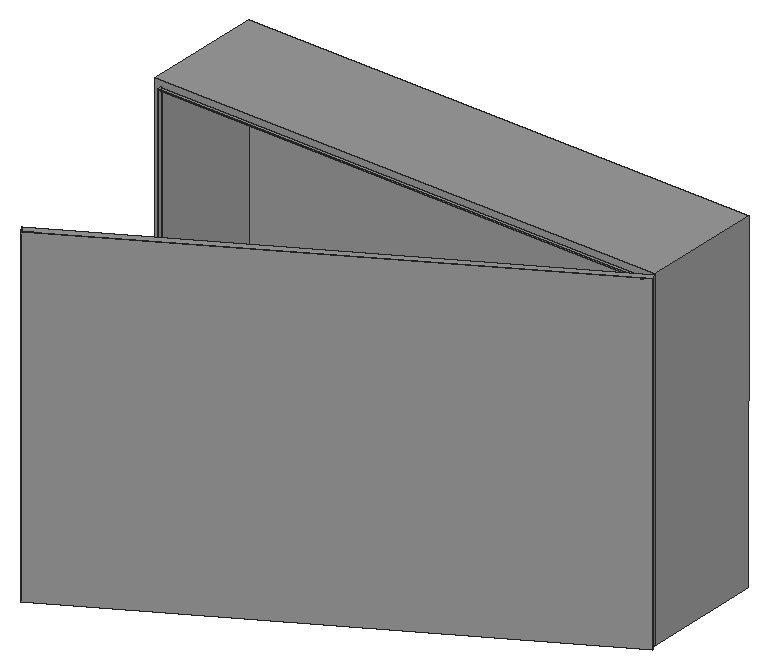
Revit family "Hager-Orion_Inox-IP55-D300-Cl.I-Inox_encl-630A-800mm-NoHosted-CH-de", category Electrical Equipment, Revit 2020
Family settings
  Panel Configuration = Two Columns, Circuits Across
  Round Connector Dimension = Use Diameter
  Part Type = Panelboard
  Work Plane-Based = Yes
  Always vertical = Yes
  Cut with Voids When Loaded = No
  Shared = No
  Room Calculation Point = No
Parameters (values of type "Aufputz IP55 B1200 H800 T300  - FL055BWL")
  Width Control [instance] = if([EF000008 - Breite] > Min Width, [EF000008 - Breite], Min Width)  # 1200 mm
  Type Comments = [HG000003 - Bereich]  # "Orion Inox"
  Thickness Door [instance] = if([EF009171 - Materialstärke Tür/Deckel] > 3 mm, 3 mm, [EF009171 - Materialstärke Tür/Deckel])  # 1.5 mm
  Seal Frame Offset [instance] = 17 mm  # constant formula
  Min Width [instance] = 100 mm  # constant formula
  Min Depth [instance] = (2 * [EF009170 - Materialstärke Gehäuse]) + 1 mm  # 4 mm
  Min Height [instance] = 100 mm  # constant formula
  Internal Frame Depth [instance] = -(Door System Depth * 0.5)  # -9 mm
  Panel Name [instance] = ""  # (empty or 0)
  Model = ""
  HG000027 - Sockelhöhe = 0 mm
  HG000026 - Stehend auf dem Boden = no
  HG000024 - Höhe des unteren Teils = 600 mm
  HG000023 - Gehäuse mit doppeltem Querschnitt = no
  HG000016 - 3D-Türsichtbarkeit [instance] = yes
  HG000015 - Sichtbarkeit der Türöffnung [instance] = no
  HG000014 - Tür rechts [instance] = yes
  HG000013 - Tür links [instance] = not([HG000014 - Tür rechts])  # no
  HG000012 - Türschwenkwinkel [instance] = 30.00°
  HG000010 - Asymmetrische Türen = no
  HG000009 - Doppelflügeligen Tür = no
  HG000006 - Unterputz = no
  HG000004 - Herstellerreferenz = "FL055BWL"
  HG000003 - Bereich = "Orion Inox"
  HG000002 - Mit tür = yes
  Frame Offset Bottom [instance] = 10 mm  # constant formula
  Frame Offset [instance] = 15 mm  # constant formula
  EF015940 - Deckel mit Überdruckentlastung = no
  EF011959 - Schutzart (NEMA) = ""
  EF009554 - Anzahl der Öffnungen für Flanschplatten = 0
  EF009212 - Ausführung Deckel = "EV000116 - geschlossen"
  EF009171 - Materialstärke Tür/Deckel = 1.5 mm
  EF009170 - Materialstärke Gehäuse = 1.5 mm
  EF008873 - Nennstrom (In) = 630 A
  EF007800 - Geeignet für Blitzschutz = no
  EF006306 - Mit Schloss = yes
  EF006244 - Transparenter Deckel/Tür = no
  EF005474 - Schutzart (IP) = "EV006420 - IP55"
  EF004464 - Art der Tür = "EV003602 - Doppel"
  EF004427 - Anzahl der Module = 0
  EF004293 - Schlagfestigkeit = "EV008784 - IK10"
  EF003532 - Geeignet für Außengebrauch = yes
  EF002950 - Breite in Teilungseinheiten = 0
  EF001613 - Funktionserhalt = "EV000494 - ohne"
  EF001596 - Werkstoff des Gehäuses = "EV000166 - rostfreier Stahl"
  EF001131 - Innentiefe = 266 mm
  EF001088 - Anbaumöglichkeit = yes
  EF000437 - Anzahl der Leitungseinführungen = 0
  EF000339 - Art der Abdeckung = "EV004216 - Tür"
  EF000266 - Anzahl der Reihen = 0
  EF000218 - Einbautiefe = 0 mm
  EF000118 - Mit Montageplatte = no
  EF000116 - RAL-Nummer = ""
  EF000049 - Tiefe = 300 mm
  EF000040 - Höhe = 800 mm
  EF000008 - Breite = 1200 mm
  EF000007 - Farbe = "EV000154 - sonstige"
  EF000003 - Montageart = "EV000384 - Aufputz"
  Door System Leaf Tolerance [instance] = 1.5 mm  # constant formula
  Door System Depth [instance] = 18 mm  # constant formula
  Description = ""
  Default Elevation = 1219.2 mm
  Connector Offset [instance] = Height Control / 2  # 400 mm
  Manufacturer = "Hager"  # constant formula
  Height Control [instance] = if([EF000040 - Höhe] > Min Height, [EF000040 - Höhe], Min Height)  # 800 mm
  Depth Control [instance] = if([EF000049 - Tiefe] > Min Depth, [EF000049 - Tiefe], Min Depth)  # 300 mm
Types (4, lengths in mm): name | Width Control | HG000004 - Herstellerreferenz | EF000008 - Breite
  Aufputz IP55 B1000 H800 T300  - FL054BW | 1000 | "FL054BW" | 1000
  Aufputz IP55 B1000 H800 T300  - FL054BWL | 1000 | "FL054BWL" | 1000
  Aufputz IP55 B1200 H800 T300  - FL055BW | 1200 | "FL055BW" | 1200
  Aufputz IP55 B1200 H800 T300  - FL055BWL | 1200 | "FL055BWL" | 1200
Reference planes
  plane 1 "Center (Front/Back)": y = 0
  plane 2: z = 0
  plane 3 "Center (Left/Right)": x = 0
  plane 4: y = 0
  plane 5: y = 0
  plane 6: z = 0
  plane 7: x = -600
  plane 8: x = 600
  plane 9: x = 598.5
  plane 10: x = -598.5
  plane 11: z = 0
  plane 12: z = 1.5
  plane 13: y = -300
  plane 14: y = -1.5
  plane 15: x = 0
  plane 16: y = -282
  plane 17: y = -298.5
  plane 18: y = -280.5
  plane 19: x = -583.5
  plane 20: x = 583.5
  plane 21: z = 11.5
  plane 22: x = -583
  plane 23: x = 583
  plane 24: z = 0
  plane 25: z = 800
  plane 26: z = 800
  plane 27: z = 783.5
  plane 28: z = 798.5
Forms (mm)
  Extrusion 1, solid, material "Hager_Stainless_Steel", detail levels medium+fine
    sketch origin (-208.679, -4572, 0) x (-1, 0, 0) y (0, -1, 0)
      loop
        line (391.321, -4290) -> (-808.679, -4290) -> (-808.679, -4572) -> (391.321, -4572) -> (391.321, -4290)
    from 0 to 800
  Extrusion 2, void
    sketch origin (-350.771, -300, 1219.2) x (1, 0, 0) y (0, 0, 1)
      loop
        line (-247.729, -420.7) -> (-247.729, -1217.7) -> (949.271, -1217.7) -> (949.271, -420.7) -> (-247.729, -420.7)
    from -19.5 to -298.5
  Extrusion 3, void
    sketch origin (-290.084, -282, 1219.2) x (1, 0, 0) y (0, 0, 1)
      loop
        line (-293.416, -1207.7) -> (873.584, -1207.7) -> (873.584, -435.7) -> (-293.416, -435.7) -> (-293.416, -1207.7)
    from 0 to -1.5
  Extrusion 4, solid, material "Hager_Stainless_Steel", detail levels fine
    sketch origin (-290.084, -282, 1219.2) x (-1, 0, 0) y (0, 0, 1)
      loop
        line (-873.584, -1207.7) -> (293.416, -1207.7) -> (293.416, -435.7) -> (-873.584, -435.7) -> (-873.584, -1207.7)
      loop
        line (-875.084, -1209.2) -> (294.916, -1209.2) -> (294.916, -434.2) -> (-875.084, -434.2) -> (-875.084, -1209.2)
    from 0 to -9 <- "Internal Frame Depth"
  Extrusion 5, solid, material "Hager_Stainless_Steel", detail levels coarse
    sketch origin (0, 0, 0) x (1, 0, 0) y (0, 1, 0)
      loop
        line (-600, 0) -> (-600, -300) -> (600, -300) -> (600, 0) -> (-600, 0)
    from 0 to 800 <- "Height Control"
Cuts and joins
  Extrusion 2, Extrusion 3 cuts Extrusion 1
Lines and regions (mm)
  Masking region 1
    outline origin (0, 0, 0) x (1, 0, 0) y (0, 1, 0)
      loop
        line (-600, 0) -> (-600, -300) -> (600, -300) -> (600, 0) -> (-600, 0)
  Masking region 2
    outline origin (-290.084, -282, 1219.2) x (-1, 0, 0) y (0, 0, 1)
      loop
        line (-890.084, -1219.2) -> (309.916, -1219.2) -> (309.916, -419.2) -> (-890.084, -419.2) -> (-890.084, -1219.2)
  Masking region 3, detail levels coarse
    outline origin (0, 0, 0) x (0, 1, 0) y (0, 0, 1)
      loop
        line (0, 0) -> (0, 800) -> (-300, 800) -> (-300, 0) -> (0, 0)
  Masking region 4, detail levels medium+fine
    outline origin (0, 0, 594.038) x (0, 1, 0) y (0, 0, 1)
      loop
        line (0, -594.038) -> (0, 205.962) -> (-282, 205.962) -> (-282, -594.038) -> (0, -594.038)
Dimensions and locks
  locked: plane 1 "Center (Front/Back)" to plane 5
  "EF009170 - Materialstärke Gehäuse": plane 7 to plane 10
  "EF009170 - Materialstärke Gehäuse": plane 8 to plane 9
  equal spacing: plane 7, plane 3 "Center (Left/Right)", plane 8
  "Width Control": plane 7 to plane 8
  "Depth Control": plane 4 to plane 13
  "EF009170 - Materialstärke Gehäuse": plane 4 to plane 14
  "Height Control": plane 25 to level
  "EF009170 - Materialstärke Gehäuse": plane 12 to plane 11
  "EF009170 - Materialstärke Gehäuse": plane 17 to plane 13
  "EF009170 - Materialstärke Gehäuse": plane 18 to plane 16
  "Frame Offset Bottom": plane 21 to plane 12
  "Frame Offset": plane 10 to plane 19
  "Frame Offset": plane 9 to plane 20
  "Door System Depth": plane 16 to plane 13
  "Seal Frame Offset": plane 7 to plane 22
  "Seal Frame Offset": plane 8 to plane 23
  "EF009170 - Materialstärke Gehäuse": plane 26 to plane 28
  "Frame Offset": plane 28 to plane 27
  "Connector Offset": plane 2 to connector elem
  "Thickness Door": cut or joined group of Extrusion 1, Extrusion 2, Extrusion 3 to Extrusion 4 sketch curve
  "Thickness Door": Extrusion 4 sketch curve to plane 19
  "Thickness Door": Extrusion 4 sketch curve to plane 20
  "Thickness Door": Extrusion 4 sketch curve to plane 27
  aligned and locked: Extrusion 2 sketch curve to plane 12
  aligned and locked: Extrusion 2 sketch curve to plane 9
  aligned and locked: Extrusion 2 sketch curve to plane 10
  aligned and locked: Extrusion 2 to plane 14
  aligned and locked: Extrusion 1 sketch curve to plane 4
  aligned and locked: plane 8 to Extrusion 1 sketch curve
  aligned and locked: plane 7 to Extrusion 1 sketch curve
  aligned and locked: Extrusion 2 to plane 18
  aligned and locked: Extrusion 3 sketch curve to plane 19
  aligned and locked: plane 20 to Extrusion 3 sketch curve
  aligned and locked: Extrusion 3 to Extrusion 2
  aligned and locked: Extrusion 3 sketch curve to plane 21
  aligned and locked: plane 3 "Center (Left/Right)" to nested 1
  aligned and locked: Extrusion 1 sketch curve to plane 16
  aligned and locked: Masking region 1 sketch curve to plane 7
  aligned and locked: Masking region 1 sketch curve to plane 5
  aligned and locked: Masking region 1 sketch curve to plane 8
  aligned and locked: Masking region 2 sketch curve to level
  aligned and locked: level to Masking region 3 sketch curve
  aligned and locked: plane 1 "Center (Front/Back)" to Masking region 3 sketch curve
  aligned and locked: plane 13 to Masking region 3 sketch curve
  aligned and locked: Masking region 2 sketch curve to plane 8
  aligned and locked: Masking region 2 sketch curve to plane 7
  aligned and locked: plane 7 to nested 2
  aligned and locked: nested 2 to plane 5
  aligned and locked: plane 5 to Masking region 4 sketch curve
  aligned and locked: plane 26 to Masking region 4 sketch curve
  aligned and locked: Extrusion 5 sketch curve to plane 8
  aligned and locked: Extrusion 5 sketch curve to plane 7
  aligned and locked: Extrusion 5 sketch curve to plane 5
  aligned and locked: Extrusion 3 sketch curve to plane 27
  aligned and locked: Extrusion 2 sketch curve to plane 28
  aligned and locked: Extrusion 4 sketch curve to plane 27
  aligned and locked: Extrusion 4 sketch curve to plane 20
  aligned and locked: Extrusion 4 sketch curve to plane 21
  aligned and locked: Extrusion 4 sketch curve to plane 19
  aligned and locked: Masking region 2 to plane 25
  aligned and locked: Masking region 4 sketch curve to plane 24
  aligned and locked: Masking region 1 to plane 13
  aligned and locked: nested 1 to plane 16
  aligned and locked: Masking region 3 to plane 25
  aligned and locked: Masking region 4 sketch curve to plane 16
  aligned and locked: plane 24 to plane 11
  aligned and locked: plane 26 to plane 25
  aligned and locked: level to plane 24
  aligned and locked: Extrusion 1 to Masking region 3
  aligned and locked: nested 1 to level
Automatic sketch dimensions
  Extrusion 5 sketch curve to plane 13 = 0 mm
  plane 27 to Masking region 2 sketch curve = 16.5 mm
  plane 27 to Masking region 3 sketch curve = 16.5 mm
  Masking region 1 sketch curve to plane 13 = 0 mm
  Extrusion 3 sketch curve to plane 21 = 0 mm
  plane 19 to Extrusion 3 sketch curve = 0 mm
  Extrusion 3 sketch curve to plane 20 = 0 mm
Nested families
  nested 1: "EC000058_OrionInox_Door" at (0, -282, 0), Double <- "HG000009 - Doppelflügeligen Tür", Transparent <- "EF006244 - Transparenter Deckel/Tür", Angle <- "HG000012 - Türschwenkwinkel", Door_Right <- "HG000014 - Tür rechts", Assymetrical <- "HG000010 - Asymmetrische Türen", Door <- "HG000002 - Mit tür", Width_Ctrl <- "Width Control", 3d_Door <- "HG000016 - 3D-Türsichtbarkeit", Clearance <- "HG000015 - Sichtbarkeit der Türöffnung", Door_Left <- "HG000013 - Tür links", Width <- "Width Control", Door_Depth <- "Door System Depth", Leaf_Tolerance <- "Door System Leaf Tolerance", Height <- "Height Control", Thickness <- "Thickness Door", type "EC000058_OrionInox_Door", detail levels medium+fine
    with min_wh 4 mm, Width_Ctrl 1200 mm, Width 1200 mm, Transparent no, Thickness 1.5 mm, Seal_Material Hager_Rubber, Leaf_Width 1200 mm, Leaf_Tolerance_External_Sides 0 mm, Leaf_Tolerance 1.5 mm, Leaf_Offset 0 mm, Leaf_Height 797 mm, Leaf_2_Width 1200 mm, Leaf_2_Offset 600 mm, Leaf_1_Width 1200 mm, Leaf_1_Offset 600 mm, Height_Ctrl 800 mm, Height 800 mm, Glass_Material Hager_Glass, Double_Clearance_Ctrl no, Double no, Door_Right_Ctrl yes, Door_Right yes, Door_Material Hager_Stainless_Steel, Door_Left_Ctrl no, Door_Left no, Door_Depth 18 mm, Door yes, Clearance_Material Hager_Clearance, Clearance_Depth 1200 mm, Clearance_Ctrl no, Clearance no, Assymetrical no, Angle 30.00°, 3d_Door yes
  nested 2: "Hager_Enclosure_Symbol" at (-600, 0, 0), Height <- "Depth Control", Width <- "Width Control", type "Hager_Enclosure_Symbol"
    with Width_Ctrl 1200 mm, Width 1200 mm, Height_Ctrl 300 mm, Height 300 mm, A_Width_Int 19.688 mm, A_Width 236.25 mm, A_Height_Ctrl 262.5 mm, A_Height 262.5 mm
Connectors
  electrical at (0, 0, 400)
    settings: on plane 1 "Center (Front/Back)", index 1, voltage 0 V, apparent load 0 VA, apparent load phase1 0 VA, apparent load phase2 0 VA, apparent load phase3 0 VA, power factor 1, load classification "Other", number of poles 1, system type 30, power factor state 1, is connector primary yes, connector utility no, sub classification motor no, connector description ""
Definition of nested family "EC000058_OrionInox_Door"
  Parameters (values of type "EC000058_OrionInox_Door")
    min_wh [instance] = (2 * Thickness) + 1 mm  # 11 mm
    Width_Ctrl [instance] = 400 mm
    Width [instance] = 500 mm
    Transparent [instance] = yes
    Thickness [instance] = 5 mm
    Seal_Material [instance] = none
    Leaf_Width [instance] = if((Width_Ctrl - 2 * Leaf_Tolerance_External_Sides) > 0 mm, (Width_Ctrl - 2 * Leaf_Tolerance_External_Sides), min_wh)  # 400 mm
    Leaf_Tolerance_External_Sides [instance] = 0 mm  # constant formula
    Leaf_Tolerance [instance] = 1.5 mm
    Leaf_Offset [instance] = 0 mm  # constant formula
    Leaf_Height [instance] = if((Height_Ctrl - 2 * Leaf_Tolerance) > 0 mm, (Height_Ctrl - 2 * Leaf_Tolerance), min_wh)  # 497 mm
    Leaf_2_Width [instance] = if(and(and(Double, Assymetrical), Door_Left), (Leaf_Width / 3) - (Leaf_Tolerance / 2), if(and(and(Double, Assymetrical), Door_Right), (Leaf_Width / 3) * 2 - (Leaf_Tolerance / 2), if(and(Double, not(Assymetrical)), (Leaf_Width / 2) - Leaf_Tolerance, Leaf_Width)))  # 400 mm
    Leaf_2_Offset [instance] = if(and(Double, Assymetrical), Leaf_2_Width / 2, if(and(Double, not(Assymetrical)), Leaf_Width / 4, Leaf_Width / 2))  # 200 mm
    Leaf_1_Width [instance] = if(and(and(Double, Assymetrical), Door_Right), (Leaf_Width / 3) - (Leaf_Tolerance / 2), if(and(and(Double, Assymetrical), Door_Left), (Width / 3) * 2 - (Leaf_Tolerance / 2), if(and(Double, not(Assymetrical)), (Leaf_Width / 2) - Leaf_Tolerance, Leaf_Width)))  # 400 mm
    Leaf_1_Offset [instance] = if(and(Double, Assymetrical), Leaf_1_Width / 2, if(and(Double, not(Assymetrical)), Leaf_Width / 4, Leaf_Width / 2))  # 200 mm
    Height_Ctrl [instance] = if(Height > min_wh, Height, min_wh)  # 500 mm
    Height [instance] = 500 mm
    Glass_Material [instance] = none
    Double_Clearance_Ctrl [instance] = and(Double, Clearance)  # no
    Double [instance] = no
    Door_Right_Ctrl [instance] = and(or(Door_Right, Double), Door)  # yes
    Door_Right [instance] = yes
    Door_Material [instance] = none
    Door_Left_Ctrl [instance] = and(or(Door_Left, Double), Door)  # no
    Door_Left [instance] = no
    Door_Depth [instance] = 30 mm
    Door [instance] = yes
    Default Elevation = 1219.2 mm
    Clearance_Material [instance] = none
    Clearance_Depth [instance] = if(Leaf_1_Width > Leaf_2_Width, Leaf_1_Width, Leaf_2_Width)  # 400 mm
    Clearance_Ctrl [instance] = and(not(Double), Clearance)  # yes
    Clearance [instance] = yes
    Assymetrical [instance] = yes
    Angle [instance] = 30.00°
    3d_Door [instance] = yes
  Reference planes
    plane 1 "Center (Front/Back)": y = 0
    plane 2 "Bottom": z = 0
    plane 3 "Center (Left/Right)": x = 0
    plane 4: z = 500
    plane 5: x = -200
    plane 6: x = 200
    plane 7: z = 500
    plane 8: x = -200
    plane 9: z = 0
    plane 10: x = 200
    plane 11: y = 0
    plane 12: z = 1.5
    plane 13: x = -600
    plane 14: y = -400
    plane 15: x = 600
    plane 16: x = 0
    plane 17: x = 0
    plane 18: x = -200
    plane 19: x = 200
    plane 20: z = 498.5
  Forms (mm)
    Extrusion 1, solid, material <- "Clearance_Material", visible <- "Double_Clearance_Ctrl"
      sketch origin (1200, 0, 0) x (1, 0, 0) y (0, 0, -1)
        loop
          line (-1800, -498.5) -> (-600, -498.5) -> (-600, 0) -> (-1800, 0) -> (-1800, -498.5)
      from 0 to -400
  Dimensions and locks
    equal spacing: plane 5, plane 3 "Center (Left/Right)", plane 6
    "Width_Ctrl": plane 5 to plane 6
    "Leaf_Offset": plane 5 to plane 8
    "Leaf_Offset": plane 6 to plane 10
    "Leaf_Offset": plane 9 to level
    "Leaf_Offset": plane 4 to plane 7
    "Height_Ctrl": plane 4 to level
    "Leaf_Tolerance": plane 12 to plane 9
    locked: plane 11 to plane 1 "Center (Front/Back)"
    "Leaf_1_Offset": plane 18 to plane 16
    "Leaf_2_Offset": plane 17 to plane 19
    "Leaf_1_Width": plane 13 to plane 8
    "Leaf_2_Width": plane 10 to plane 15
    "Clearance_Depth": plane 14 to plane 1 "Center (Front/Back)"
    "Leaf_Tolerance_External_Sides": plane 8 to plane 18
    "Leaf_Tolerance_External_Sides": plane 19 to plane 10
    "Leaf_Tolerance": plane 7 to plane 20
    aligned and locked: level to plane 2 "Bottom"
    aligned and locked: nested 1 to plane 16
    aligned and locked: nested 2 to plane 17
    aligned and locked: Extrusion 1 to plane 13
    aligned and locked: plane 15 to Extrusion 1
    aligned and locked: Extrusion 1 to plane 14
    aligned and locked: plane 12 to nested 1
    aligned and locked: nested 2 to plane 12
    aligned and locked: Extrusion 1 to plane 11
    aligned and locked: plane 20 to Extrusion 1
    aligned and locked: nested 2 to plane 11
    aligned and locked: nested 1 to plane 11
  Automatic sketch dimensions
    Extrusion 1 sketch curve to level = 0 mm
    plane 5 to Extrusion 1 sketch curve = 400 mm
    plane 6 to Extrusion 1 sketch curve = 400 mm
    Extrusion 1 sketch curve to plane 4 = 1.5 mm
  Nested families
    nested 1: "EC000058_OrionInox_Door_Leaf" at (0, 0, 1.5), Width <- "Leaf_1_Width", visible <- "Door_Left_Ctrl", Leaf_Height <- "Leaf_Height", Angle <- "Angle", 3d_Door <- "3d_Door", Transparent <- "Transparent", Clearance Material <- "Clearance_Material", Clearance <- "Clearance_Ctrl", Door_Material <- "Door_Material", Glass_Material <- "Glass_Material", Door_Depth <- "Door_Depth", Seal_Material <- "Seal_Material", Thickness <- "Thickness", type "EC000058_OrionInox_Door_Leaf"
      with Width 400 mm, Transparent_Ctrl yes, Transparent yes, Thickness 5 mm, Standard no, Seal_Material none, Seal_D2 8 mm, Seal_D1 1 mm, Offset_Internal_Frame 10 mm, Lock_Width 28 mm, Lock_Thickness 2 mm, Lock_Radius 6 mm, Leaf_Height 497 mm, Internal_Seal_Thickness 8 mm, Internal_Seal_Depth_2 4.5 mm, Internal_Frame_Depth 25 mm, Glass_Thickness -1 mm, Glass_Offset -2 mm, Glass_Material none, Door_Material none, Door_Depth 30 mm, Clearance Material none, Clearance yes, Angle_Ctrl 30.00°, Angle 30.00°, 3d_Door yes
    nested 2: "EC000058_OrionInox_Door_Leaf" at (0, 0, 1.5) x (-1, 0, 0) z (0, 0, 1), Width <- "Leaf_2_Width", visible <- "Door_Right_Ctrl", Leaf_Height <- "Leaf_Height", Angle <- "Angle", 3d_Door <- "3d_Door", Transparent <- "Transparent", Clearance Material <- "Clearance_Material", Clearance <- "Clearance_Ctrl", Door_Material <- "Door_Material", Glass_Material <- "Glass_Material", Door_Depth <- "Door_Depth", Seal_Material <- "Seal_Material", Thickness <- "Thickness", type "EC000058_OrionInox_Door_Leaf"
      with Width 400 mm, Transparent_Ctrl yes, Transparent yes, Thickness 5 mm, Standard no, Seal_Material none, Seal_D2 8 mm, Seal_D1 1 mm, Offset_Internal_Frame 10 mm, Lock_Width 28 mm, Lock_Thickness 2 mm, Lock_Radius 6 mm, Leaf_Height 497 mm, Internal_Seal_Thickness 8 mm, Internal_Seal_Depth_2 4.5 mm, Internal_Frame_Depth 25 mm, Glass_Thickness -1 mm, Glass_Offset -2 mm, Glass_Material none, Door_Material none, Door_Depth 30 mm, Clearance Material none, Clearance yes, Angle_Ctrl 30.00°, Angle 30.00°, 3d_Door yes
  Definition of nested family "EC000058_OrionInox_Door_Leaf"
    Parameters (values of type "EC000058_OrionInox_Door_Leaf")
      Width [instance] = 450 mm
      Transparent_Ctrl [instance] = and(Transparent, [3d_Door])  # yes
      Transparent [instance] = yes
      Thickness [instance] = 5 mm
      Standard [instance] = and(not(Transparent), [3d_Door])  # no
      Seal_Material [instance] = none
      Seal_D2 [instance] = 8 mm  # constant formula
      Seal_D1 [instance] = 1 mm  # constant formula
      Offset_Internal_Frame [instance] = 10 mm  # constant formula
      Lock_Width [instance] = Door_Depth - Lock_Thickness  # 28 mm
      Lock_Thickness [instance] = 2 mm  # constant formula
      Lock_Radius [instance] = 6 mm  # constant formula
      Leaf_Height [instance] = 450 mm
      Internal_Seal_Thickness [instance] = 8 mm  # constant formula
      Internal_Seal_Depth_2 [instance] = 4.5 mm  # constant formula
      Internal_Frame_Depth [instance] = if(Door_Depth - Thickness > 5 mm, Door_Depth - Thickness, 5 mm)  # 25 mm
      Glass_Thickness [instance] = if(Thickness > 15 mm, Glass_Offset + 10 mm, -1 mm)  # -1 mm
      Glass_Offset [instance] = if(Thickness > 15 mm, -(Thickness + 10 mm) / 2, -2 mm)  # -2 mm
      Glass_Material [instance] = none
      Door_Material [instance] = none
      Door_Depth [instance] = 30 mm
      Default Elevation = 0 mm
      Clearance Material [instance] = none
      Clearance [instance] = yes
      Angle_Ctrl [instance] = if(Angle > 180.00°, 180.00°, Angle)  # 90.00°
      Angle [instance] = 90.00°
      3d_Door [instance] = yes
    Reference planes
      plane 1 "Center (Front/Back)": y = 0
      plane 2: z = 0
      plane 3 "Center (Left/Right)": x = 0
      plane 4: y = 450
      plane 5: x = -225
      plane 6: x = 225
      plane 7: x = -675
      plane 8: z = 450
      plane 9: z = 30
      plane 10: z = 420
      plane 11: x = 195
      plane 12: x = -195
      plane 13: y = -3
      plane 14: z = 107.833
      plane 15: y = -5
      plane 16: y = -223.314
      plane 17: x = -225
      plane 18: y = 30
    Forms (mm)
      Extrusion 1, solid, material <- "Clearance Material", visible <- "Clearance"
        sketch origin (0, 0, 0) x (1, 0, 0) y (0, 0, 1)
          loop
            line (-675, 450) -> (-675, 0) -> (225, 0) -> (225, 450) -> (-675, 450)
        from 0 to -450
      Extrusion 2, solid, material <- "Door_Material", visible <- "Standard", detail levels medium+fine
        sketch origin (-225, 0, 0) x (0, 1, 0) y (-1, 0, 0)
          loop
            line (0, 30) -> (0, 25) -> (450, 25) -> (450, 30) -> (0, 30)
        from 0 to 450 <- "Leaf_Height"
      Extrusion 3, solid, material <- "Door_Material", visible <- "Transparent_Ctrl", detail levels medium+fine
        sketch origin (-225, 0, 0) x (0, 1, 0) y (-1, 0, 0)
          loop
            line (0, 25) -> (450, 25) -> (450, 30) -> (0, 30) -> (0, 25)
        from 0 to 450 <- "Leaf_Height"
      Extrusion 4, void
        sketch origin (-250, 450, 0) x (0, 1, 0) y (0, 0, -1)
          loop
            line (-30, -420) -> (-30, -30) -> (-420, -30) -> (-420, -420) -> (-30, -420)
        from 0 to 5 <- "Thickness"
      Sweep 5, solid, material <- "Seal_Material", visible <- "Transparent_Ctrl", detail levels fine
        path in 3D
          loop
            line (-250, 30, 30) -> (-250, 30, 420) -> (-250, 420, 420) -> (-250, 420, 30) -> (-250, 30, 30)
        profile origin (-250, 225, 30) x (1, 0, 0) y (0, 0, 1)
          loop
            line (0, 0) -> (0, -8) -> (1, -8) -> (1, 0) -> (0, 0)
      Extrusion 6, solid, material <- "Glass_Material", visible <- "Transparent_Ctrl", detail levels medium+fine
        sketch origin (-255, 0, 0) x (0, 1, 0) y (0, 0, -1)
          loop
            line (420, -420) -> (420, -30) -> (30, -30) -> (30, -420) -> (420, -420)
        from -2 <- "Glass_Offset" to -1 <- "Glass_Thickness"
      Extrusion 7, solid, material <- "Door_Material", visible <- "3d_Door", detail levels medium+fine
        sketch origin (-250, 450, 0) x (0, -1, 0) y (0, 0, -1)
          loop
            line (0, -450) -> (450, -450) -> (450, 0) -> (0, 0) -> (0, -450)
          loop
            line (445, -5) -> (5, -5) -> (5, -445) -> (445, -445) -> (445, -5)
        from 0 to 25 <- "Internal_Frame_Depth"
      Sweep 8, solid, material <- "Seal_Material", visible <- "Transparent_Ctrl", detail levels fine
        path in 3D
          loop
            line (-250, 0, 0) -> (-250, 450, 0) -> (-250, 450, 450) -> (-250, 0, 450) -> (-250, 0, 0)
        profile origin (-250, 0, 225) x (1, 0, 0) y (0, 1, 0)
          loop
            line (0, 10) -> (2.975, 10)
            arc (2.975, 10) -> (4.053, 10.447) -> (4.5, 11.525) r 1.525
            line (4.5, 11.525) -> (4.5, 16.527)
            arc (4.5, 16.527) -> (4.069, 17.569) -> (3.027, 18) r 1.473
            line (3.027, 18) -> (0, 18) -> (0, 10)
    Cuts and joins
      Extrusion 4 cuts Extrusion 3
    Lines and regions (mm)
      Masking region 1, detail levels medium+fine
        outline origin (0, 0, 0) x (0, 1, 0) y (0, 0, 1)
          loop
            line (0, 0) -> (30, 0) -> (30, 450) -> (0, 450) -> (0, 0)
      Masking region 2, detail levels medium+fine
        outline origin (0, 0, 0) x (1, 0, 0) y (0, 0, 1)
          loop
            line (-225, 450) -> (-225, 0) -> (225, 0) -> (225, 450) -> (-225, 450)
      symbolic lines
        curve 1: line (225, 0, 0) -> (-675, 0, 0)
        curve 2: arc (225, 0, 0) -> (-225, 450, 0) -> (-675, 0, 0) r 450
        curve 4: line (-255, 0, 0) -> (-255, 450, 0)
      reference lines
        curve 3: line (-225, 0, 0) -> (-225, 450, 0)
      symbolic lines, detail levels medium+fine
        curve 5: line (-255, 450, 0) -> (-250, 450, 0)
        curve 7: line (-250, 0, 0) -> (-255, 0, 0)
        curve 8: line (-250, 0, 0) -> (-225, 0, 0)
        curve 9: line (-225, 0, 0) -> (-225, 450, 0)
        curve 10: line (-225, 450, 0) -> (-250, 450, 0)
      symbolic lines, detail levels fine
        curve 6: line (-250, 450, 0) -> (-250, 0, 0)
      sketch lines
        curve 11: line (-250, 0, 450) -> (-250, 0, 0)
        curve 12: line (-250, 450, 0) -> (-250, 0, 0)
        curve 13: line (-250, 450, 450) -> (-250, 450, 0)
        curve 14: line (-250, 0, 450) -> (-250, 450, 450)
        curve 15: line (-250, 420, 30) -> (-250, 30, 30)
        curve 16: line (-250, 30, 30) -> (-250, 30, 420)
        curve 17: line (-250, 420, 420) -> (-250, 420, 30)
        curve 18: line (-250, 30, 420) -> (-250, 420, 420)
      symbolic lines, visible <- "Transparent", detail levels medium+fine
        curve 19: line (-195, 0, 420) -> (195, 0, 420)
        curve 20: line (-195, 0, 30) -> (-195, 0, 420)
        curve 21: line (195, 0, 30) -> (-195, 0, 30)
        curve 22: line (195, 0, 420) -> (195, 0, 30)
    Dimensions and locks
      "Width": plane 1 "Center (Front/Back)" to plane 4
      equal spacing: plane 5, plane 3 "Center (Left/Right)", plane 6
      "Width": plane 5 to plane 6
      "Width": plane 7 to plane 5
      "Leaf_Height": plane 8 to level
      "Width": curve 5 to curve 3
      "Width": curve 3 to curve 3
      plane 8 to plane 10 = 30 mm
      plane 9 to level = 30 mm
      plane 12 to plane 5 = 30 mm
      plane 6 to plane 11 = 30 mm
      Extrusion 4 sketch curve to Extrusion 3 = 30 mm
      Extrusion 3 to Extrusion 4 sketch curve = 30 mm
      Extrusion 1 to Extrusion 4 sketch curve = 30 mm
      curve 3 to Extrusion 4 sketch curve = 30 mm
      Extrusion 4 sketch curve to cut or joined group of Extrusion 3, Extrusion 4 = 30 mm
      cut or joined group of Extrusion 3, Extrusion 4 to Extrusion 6 sketch curve = 30 mm
      cut or joined group of Extrusion 3, Extrusion 4 to Extrusion 4 sketch curve = 30 mm
      "Thickness": curve 6 to curve 4
      "Thickness": Extrusion 7 sketch curve to Extrusion 7 sketch curve  (x4)
      "Door_Depth": curve 4 to curve 3
      "Offset_Internal_Frame": profile plane to Sweep 8 sketch curve
      "Internal_Seal_Thickness": Sweep 8 sketch curve to Sweep 8 sketch curve
      "Internal_Seal_Depth_2": profile plane to Sweep 8 sketch curve
      "Seal_D1": profile plane to Sweep 5 sketch curve
      "Seal_D2": profile plane to Sweep 5 sketch curve
      "Thickness": Extrusion 2 sketch curve to Extrusion 2 sketch curve
      "Door_Depth": plane 18 to plane 1 "Center (Front/Back)"
      radius of Sweep 8 sketch curve = 1.525 mm
      radius of Sweep 8 sketch curve = 1.473 mm
      "Angle_Ctrl": angle plane 1 "Center (Front/Back)" to curve 3
      aligned and locked: level to plane 2
      aligned and locked: Extrusion 1 to curve 1
      aligned and locked: plane 6 to Extrusion 1
      aligned and locked: plane 1 "Center (Front/Back)" to Extrusion 1
      aligned and locked: plane 4 to Extrusion 1
      aligned and locked: plane 8 to Extrusion 1
      aligned and locked: curve 7 to Extrusion 2 sketch curve
      aligned and locked: curve 5 to Extrusion 2 sketch curve
      aligned and locked: curve 7 to Extrusion 3 sketch curve
      aligned and locked: Extrusion 3 sketch curve to curve 4
      aligned and locked: Extrusion 3 sketch curve to curve 6
      aligned and locked: Extrusion 3 sketch curve to curve 5
      aligned and locked: curve 9 to curve 3
      aligned and locked: Extrusion 7 sketch curve to cut or joined group of Extrusion 3, Extrusion 4  (x4)
      aligned and locked: plane 17 to curve 3
      aligned and locked: plane 1 "Center (Front/Back)" to curve 3
      aligned and locked: plane 17 to plane 5
      aligned and locked: Sweep 8 sketch curve to profile plane
      aligned and locked: Sweep 5 sketch curve to profile plane  (x2)
      aligned and locked: plane 1 "Center (Front/Back)" to Masking region 1 sketch curve
      aligned and locked: plane 18 to Masking region 1 sketch curve
      aligned and locked: level to Masking region 1 sketch curve
      aligned and locked: Masking region 1 sketch curve to plane 8
      aligned and locked: plane 17 to Masking region 2 sketch curve
      aligned and locked: level to Masking region 2 sketch curve
      aligned and locked: Masking region 2 sketch curve to plane 8
      aligned and locked: plane 12 to curve 20
      aligned and locked: plane 10 to curve 19
      aligned and locked: plane 11 to curve 22
      aligned and locked: plane 9 to curve 21
      aligned and locked: Extrusion 2 sketch curve to cut or joined group of Extrusion 3, Extrusion 4
    Automatic sketch dimensions
      plane 1 "Center (Front/Back)" to curve 2 = 0 mm
      curve 2 to plane 5 = 0 mm
      Extrusion 1 sketch curve to level = 0 mm
      Extrusion 1 sketch curve to plane 7 = 0 mm
      Extrusion 1 sketch curve to plane 6 = 0 mm
      Extrusion 1 sketch curve to plane 8 = 0 mm
      Extrusion 3 to Extrusion 6 sketch curve = 30 mm  (x4)
      Masking region 2 sketch curve to plane 6 = 0 mm
      curve 4 to curve 3 = 0 mm
Definition of nested family "Hager_Enclosure_Symbol"
  Parameters (values of type "Hager_Enclosure_Symbol")
    Width_Ctrl [instance] = if(Width > 1 mm, Width, 1 mm)  # 102.27 mm
    Width [instance] = 102.27 mm
    Height_Ctrl [instance] = if(Height > 1 mm, Height, 1 mm)  # 66.5 mm
    A_Width_Int [instance] = if(A_Width / 12 > 2 mm, A_Width / 12, 2 mm)  # 4.364 mm
    A_Width [instance] = if(A_Height_Ctrl * 0.9 > 2 mm, A_Height_Ctrl * 0.9, 2 mm)  # 52.369 mm
    A_Height_Ctrl [instance] = if(A_Height > 2 mm, A_Height, 2 mm)  # 58.188 mm
    Height [instance] = 66.5 mm
    A_Height [instance] = Height - (Height / 8)  # 58.188 mm
  Reference planes
    plane 1 "Centre (avant/arrière)": y = 0
    plane 2: z = 0
    plane 3 "Centre (gauche/droite)": x = 0
    plane 4: x = 52.369
    plane 5: y = 33.042
    plane 6: y = 41.77
    plane 7: y = 66.5
    plane 8: x = 26.184
    plane 9: y = 37.406
    plane 10: x = 102.27
    plane 11: y = 66.5
    plane 12: y = 8.313
  Lines and regions (mm)
    Filled region 1, type "Solid_Black", in view "Niveau de réf."
      outline origin (0, 0, 0) x (1, 0, 0) y (0, 1, 0)
        loop
          line (52.369, 66.5) -> (33.188, 54.536) -> (45.365, 45.006) -> (52.369, 66.5)
    Filled region 2, type "Solid_Black", in view "Niveau de réf."
      outline origin (0, 0, 0) x (1, 0, 0) y (0, 1, 0)
        loop
          line (0, 0) -> (102.27, 0) -> (102.27, 66.5) -> (0, 0)
    detail lines, in view "Niveau de réf."
      curve 1: line (0, 8.313, 0) -> (26.184, 41.77, 0)
      curve 2: line (26.184, 41.77, 0) -> (26.184, 33.042, 0)
      curve 3: line (26.184, 33.042, 0) -> (52.369, 66.5, 0)
  Dimensions and locks
    "A_Width": plane 3 "Centre (gauche/droite)" to plane 4
    equal spacing: plane 3 "Centre (gauche/droite)", plane 8, plane 4
    equal spacing: plane 6, plane 9, plane 5
    equal spacing: curve 3, Filled region 1 sketch curve, Filled region 1 sketch curve
    "Height_Ctrl": plane 1 "Centre (avant/arrière)" to plane 11
    "A_Height_Ctrl": plane 11 to plane 12
    equal spacing: plane 11, plane 9, plane 12
    "A_Width_Int": plane 6 to plane 9
    "Width_Ctrl": plane 3 "Centre (gauche/droite)" to plane 10
    angle Filled region 1 sketch curve to curve 3 = 20.00°
    angle curve 3 to Filled region 1 sketch curve = 20.00°
    locked: curve 3 to Filled region 1 sketch curve (angle 90.00°)
    aligned and locked: plane 10 to Filled region 2
    aligned and locked: plane 11 to Filled region 2 sketch curve
    aligned and locked: plane 10 to Filled region 2 sketch curve
    aligned and locked: plane 3 "Centre (gauche/droite)" to curve 1
    aligned and locked: plane 12 to curve 1
    aligned and locked: plane 7 to plane 11
  Automatic sketch dimensions
    Filled region 1 sketch curve to plane 4 = 0 mm
    Filled region 1 sketch curve to plane 7 = 0 mm
    plane 1 "Centre (avant/arrière)" to Filled region 2 sketch curve = 0 mm
    Filled region 2 sketch curve to plane 3 "Centre (gauche/droite)" = 0 mm
    curve 2 to plane 6 = 0 mm
    curve 2 to plane 8 = 0 mm
    curve 3 to plane 4 = 0 mm
    curve 2 to plane 5 = 0 mm
    curve 3 to plane 7 = 0 mm
